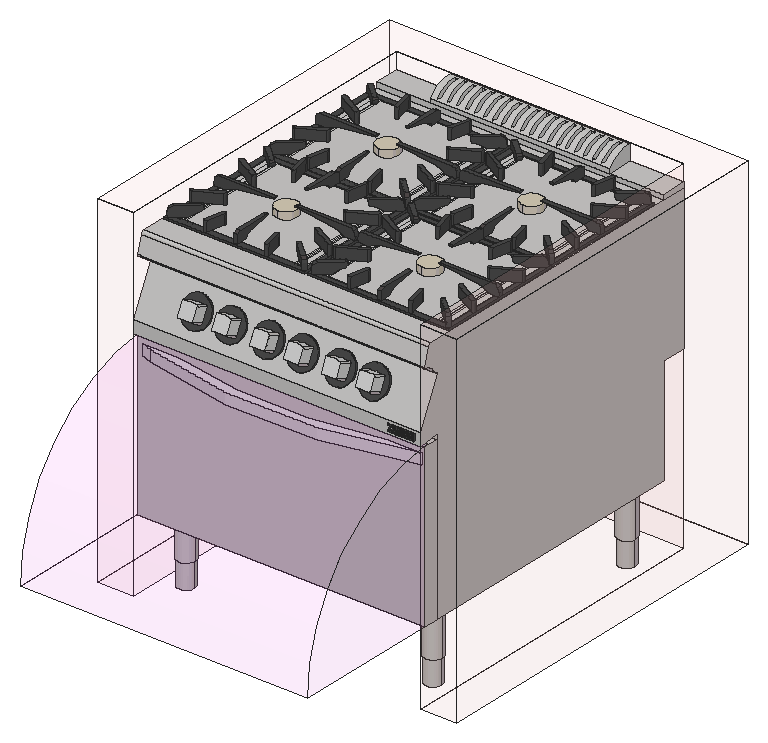
Revit family "QF_ZANUSSI_392032_Z9GCGH4CE0", category Attrezzature speciali, Revit 2020
Family settings
  Quota connettore circolare = Usa diametro
  Tipo di parte = Normale
  Basato su piano di lavoro = No
  Sempre verticale = Sì
  Taglio con vuoti quando caricato = No
  Condiviso = No
  Punto di calcolo locali = No
Parameters (values of type "Standard")
  Weight = 155.00 kg
  Watts = 6000 W
  Volts = 380 V
  URL Manufacturer = "http://www.zanussiprofessional.com"
  URL = "http://www.zanussiprofessional.com"
  Steam Supply Size = 0 mm
  Steam Supply Minimum Pressure = 0.0 Pa
  Steam Supply Maximum Pressure = 0.0 Pa
  Steam Consumption per Hour = 0
  Show Logo [instance] = yes
  Show Clearance [instance] = yes
  Refrigeration Suction Line Size = 0 mm
  Refrigeration Liquid Line Size = 0 mm
  Refrigerant Compressor Remote = yes
  Prospetto di default = 0 mm
  Produttore = "Zanussi"
  Phase = 3
  Modello = "Z9GCGH4CE0"
  Length Actual = 800 mm  # constant formula
  Item Number = "392032"
  Hot Water Size = 0 mm
  Height Actual = 850 mm  # constant formula
  HP = "8 HP"
  Gas Size = 12.7 mm
  Gas KW = 28
  Gas Input Pressure = 0.202529 W
  Direct Waste Size = 0 mm
  Descrizione = "4-BURNER(CASTIRON) GAS RANGE+EL.OVEN 800"
  Depth Actual = 900 mm  # constant formula
  Cycle = 50 Hz
  Condensate Return Size = 0 mm
  Compressed Air Volume = 0.0 L/s
  Compressed Air Size = 0 mm
  Compressed Air Pressure = 0.0 Pa
  Cold Water Size = 0 mm
  Accessory = yes
Reference planes
  plane 1 "Back": y = 0
  plane 2: z = 0
  plane 3 "Left": x = 0
  plane 4: x = 800
  plane 5: z = 850
  plane 6: x = 400
  plane 7: x = 900
  plane 8: x = -100
  plane 9: y = 100
  plane 10: z = 149
  plane 11: y = -915
Forms (mm)
  Extrusion 1, solid, material "QF_Finishes_Clearance", visible <- "Show Clearance"
    sketch origin (0, 0, 0) x (1, 0, 0) y (0, 1, 0)
      loop
        line (-100, -915) -> (0, -915) -> (0, 0) -> (800, 0) -> (800, -915) -> (900, -915) -> (900, 100) -> (-100, 100) -> (-100, -915)
    from 0 to 958.9
  Extrusion 2, solid, material "QF_Finishes_Stainless Steel"
    sketch origin (0, 50, 661.213) x (0, 1, 0) y (0, 0, 1)
      loop
        line (-50, 238.788) -> (-50, 253.075) -> (-119.85, 253.075) -> (-119.85, 238.788) -> (-50, 238.788)
    from 0 to 800
  Extrusion 3, solid, material "QF_Finishes_Stainless Steel"
    sketch origin (0, 50, 661.212) x (0, 1, 0) y (0, 0, 1)
      loop
        line (-50, 238.788) -> (-929.358, 238.788)
        arc (-929.358, 238.788) -> (-934.643, 236.598) -> (-936.833, 231.313) r 7.474
        line (-936.833, 231.313) -> (-949.884, 185.798)
        arc (-949.884, 185.798) -> (-949.396, 183.166) -> (-947, 181.971) r 3
        line (-947, 181.971) -> (-936.802, 181.971) -> (-904.982, 150.152) -> (-965, 29.296) -> (-965, -5.704) -> (-908.645, 2.216)
        arc (-908.645, 2.216) -> (-906.101, 1.462) -> (-905, -0.953) r 3.2
        line (-905, -0.953) -> (-905, -462.212) -> (-120, -462.212) -> (-120, -162.212) -> (-50, -162.212) -> (-50, 238.788)
      loop
        line (-950, -11.212) -> (-950, -462.212) -> (-910, -462.212) -> (-910, -11.212) -> (-950, -11.212)
    from 0 to 800
  Extrusion 4, solid, material "QF_Finishes_Door Clearance", visible <- "Show Clearance"
    sketch origin (0, -206.665, 6.362) x (0, 1, 0) y (0, 0, 1)
      loop
        line (-1103.537, 192.638) -> (-683.335, 192.638) -> (-683.335, 645.379)
        arc (-683.335, 645.379) -> (-982.298, 501.484) -> (-1103.537, 192.638) r 454.002
    from 0 to 800
  Extrusion 5, solid, material "QF_Finishes_Stainless Steel"
    sketch origin (-303.042, -201, 191.278) x (-1, 0, 0) y (0, -1, 0)
      loop
        circle (-1052.042, 464) r 6.35
    from -1.278 to 7.722
  Extrusion 6, solid, material "QF_Finishes_Stainless Steel"
    sketch origin (1049.282, -570.286, 197) x (1, 0, 0) y (0, 1, 0)
      loop
        line (-302.282, -132.714) -> (-302.282, -152.714) -> (-282.282, -152.714) -> (-282.282, -132.714) -> (-302.282, -132.714)
    from 0 to 2
Dimensions and locks
  plane 3 "Left" to plane 4 = 800 mm
  equal spacing: plane 3 "Left", plane 6, plane 4
  plane 1 "Back" to plane 9 = 100 mm
  plane 4 to plane 7 = 100 mm
  plane 8 to plane 3 "Left" = 100 mm
  plane 10 to level = 149 mm
  plane 1 "Back" to plane 11 = 915 mm
  aligned and locked: level to plane 2
Automatic sketch dimensions
  Extrusion 1 sketch curve to plane 8 = 0 mm
  Extrusion 1 sketch curve to plane 3 "Left" = 0 mm
  plane 1 "Back" to Extrusion 1 sketch curve = 0 mm
  Extrusion 1 sketch curve to plane 4 = 0 mm
  Extrusion 1 sketch curve to plane 7 = 0 mm
  Extrusion 1 sketch curve to plane 11 = 0 mm  (x2)
  Extrusion 1 sketch curve to plane 9 = 0 mm
  Extrusion 2 sketch curve to plane 1 "Back" = 0 mm
  plane 1 "Back" to Extrusion 2 sketch curve = 69.85 mm
  Extrusion 2 sketch curve to plane 5 = 50 mm
  Extrusion 2 sketch curve to Extrusion 2 sketch curve = 14.288 mm
  Extrusion 3 sketch curve to plane 11 = 0 mm
  Extrusion 3 sketch curve to plane 1 "Back" = 0 mm
  plane 11 to Extrusion 3 sketch curve = 15 mm
  plane 5 to Extrusion 3 sketch curve = 2.989 mm
  plane 11 to Extrusion 3 sketch curve = 15.116 mm
  Extrusion 3 sketch curve to Extrusion 3 sketch curve = 2.884 mm
  plane 11 to Extrusion 3 sketch curve = 28.167 mm
  Extrusion 3 sketch curve to Extrusion 3 sketch curve = 10.198 mm
  Extrusion 3 sketch curve to Extrusion 3 sketch curve = 7.474 mm
  Extrusion 3 sketch curve to Extrusion 3 sketch curve = 40 mm
  Extrusion 3 sketch curve to Extrusion 3 sketch curve = 1.355 mm
  Extrusion 3 sketch curve to Extrusion 3 sketch curve = 0.445 mm
  Extrusion 3 sketch curve to Extrusion 3 sketch curve = 5 mm
  Extrusion 3 sketch curve to Extrusion 3 sketch curve = 31.82 mm
  plane 1 "Back" to Extrusion 3 sketch curve = 70 mm
  Extrusion 3 sketch curve to Extrusion 3 sketch curve = 0.827 mm
  plane 5 to Extrusion 3 sketch curve = 38.636 mm
  Extrusion 3 sketch curve to Extrusion 3 sketch curve = 120.856 mm
  Extrusion 3 sketch curve to Extrusion 3 sketch curve = 27.08 mm
  Extrusion 3 sketch curve to Extrusion 3 sketch curve = 35 mm
  Extrusion 3 sketch curve to Extrusion 3 sketch curve = 5.508 mm
  Extrusion 3 sketch curve to plane 10 = 350 mm
  Extrusion 3 sketch curve to plane 10 = 50 mm  (x2)
  Extrusion 3 sketch curve to plane 5 = 42.526 mm
  Extrusion 4 sketch curve to plane 10 = 50 mm
  Extrusion 4 sketch curve to plane 11 = 395.202 mm
  plane 11 to Extrusion 4 sketch curve = 25 mm
  Extrusion 4 sketch curve to Extrusion 4 sketch curve = 33.8 mm
  plane 4 to Extrusion 5 sketch curve = 51 mm
  plane 11 to Extrusion 5 sketch curve = 250 mm
  plane 4 to Extrusion 6 sketch curve = 53 mm
  Extrusion 6 sketch curve to Extrusion 6 sketch curve = 20 mm  (x2)
  plane 11 to Extrusion 6 sketch curve = 192 mm
  radius of Extrusion 5 sketch curve = 6.35 mm
Nested families
  nested 1: "Uscita_Fumi_500" at (400, -34.925, 914.288), type "Uscita_Fumi_500"
  nested 2: "ZANUSSI_BURNER" at (2.5, -458.125, 50), type "ZANUSSI_BURNER"
    with Status "", Specification by User "", Revision Code "", Item Number "", Installed By "", Identify Quantity as Lot yes, Furnished By "", Foodservice Equipment Identifier yes
  nested 3: "ZANUSSI_BURNER" at (2.5, -454.983, 50), type "ZANUSSI_BURNER"
    with Status "", Specification by User "", Revision Code "", Item Number "", Installed By "", Identify Quantity as Lot yes, Furnished By "", Foodservice Equipment Identifier yes
  nested 4: "ZANUSSI_BURNER" at (797.5, -458.125, 50) x (-1, 0, 0) z (0, 0, 1), type "ZANUSSI_BURNER"
    with Status "", Specification by User "", Revision Code "", Item Number "", Installed By "", Identify Quantity as Lot yes, Furnished By "", Foodservice Equipment Identifier yes
  nested 5: "ZANUSSI_BURNER" at (797.5, -454.983, 50) x (-1, 0, 0) z (0, 0, 1), type "ZANUSSI_BURNER"
    with Status "", Specification by User "", Revision Code "", Item Number "", Installed By "", Identify Quantity as Lot yes, Furnished By "", Foodservice Equipment Identifier yes
  nested 6: "CONTROLLER_XP-ZAN" at (698, -884.548, 751.827) x (1, 0, 0) z (0, -0.8956, 0.4448), type "CONTROLLER_XP-ZAN"
  nested 7: "CONTROLLER_XP-ZAN" at (603, -884.548, 751.827) x (1, 0, 0) z (0, -0.8956, 0.4448), type "CONTROLLER_XP-ZAN"
  nested 8: "CONTROLLER_XP-ZAN" at (298, -884.548, 751.827) x (1, 0, 0) z (0, -0.8956, 0.4448), type "CONTROLLER_XP-ZAN"
  nested 9: "CONTROLLER_XP-ZAN" at (203, -884.548, 751.827) x (1, 0, 0) z (0, -0.8956, 0.4448), type "CONTROLLER_XP-ZAN"
  nested 10: "CONTROLLER_XP-ZAN" at (301.037, -884.548, 751.827) x (-1, 0, 0) z (0, -0.8956, 0.4448), type "CONTROLLER_XP-ZAN"
  nested 11: "CONTROLLER_XP-ZAN" at (396.037, -884.548, 751.827) x (-1, 0, 0) z (0, -0.8956, 0.4448), type "CONTROLLER_XP-ZAN"
  nested 12: "ZANUSSI_Logo" at (749.92, -915, 722.184) x (1, 0, 0) z (0, -1, 0), Show Logo <- "Show Logo", visible <- "Show Logo", type "ZANUSSI_Logo"
    with Show Logo yes
  nested 13: "MANIGLIONE_ZANUSSI" at (400, -900, 615.684) x (1, 0, 0) z (0, -1, 0), type "MANIGLIONE_ZANUSSI"
  nested 14: "Piedino 50xH200_par" at (56, -128, 0), type "Piedino 50xH200_par"
    with H 200 mm
  nested 15: "Piedino 50xH200_par" at (744, -128, 0), type "Piedino 50xH200_par"
    with H 200 mm
  nested 16: "Piedino 50xH200_par" at (744, -802.083, 0), type "Piedino 50xH200_par"
    with H 200 mm
  nested 17: "Piedino 50xH200_par" at (56, -802.083, 0), type "Piedino 50xH200_par"
    with H 200 mm
Connectors
  piping at (749, -665, 190), diameter 12.7, driven by "Gas Size"
    settings: on Extrusion 5, index 15, connector inside diameter 12.8 mm, connector length 0 mm, flow factor 0, pipe flow 0.0 L/s, pressure drop 0.0 Pa, fitting loss kfactor 0, connector angle 0.00°, fixture units 0, engagement length 0 mm, angle of deflection 0.00°, flow configuration 1, flow direction 1, fitting loss method 0, system type 29, joint type 0, gender type 0, connector reference index -1, connector utility 0, adjustable connector no, is connector primary yes, connector description "Gas Connection"
  electrical at (757, -713, 197), driven by "Volts"
    settings: on Extrusion 6, index 16, voltage 380 V, apparent load 0 VA, apparent load phase1 0 VA, apparent load phase2 0 VA, apparent load phase3 0 VA, power factor 1, load classification "Altro", number of poles 1, system type 30, power factor state 1, is connector primary yes, connector utility no, sub classification motor no, connector description "Electrical Connection"
Definition of nested family "Uscita_Fumi_500"
  Parameters (values of type "Uscita_Fumi_500")
    Default Elevation = 1219.2 mm
  Reference planes
    plane 1 "Centro (Fronte/Retro)": y = 0
    plane 2: z = 0
    plane 3 "Centro (Sinistra/Destra)": x = 0
  Forms (mm)
    Extrusion 1, solid
      sketch origin (0, 0, 0) x (1, 0, 0) y (0, 1, 0)
        loop
          line (-1219.2, 1219.2) -> (-1219.2, -1219.2) -> (1219.2, -1219.2) -> (1219.2, 1219.2) -> (-1219.2, 1219.2)
      from 0 to -304.8
    Extrusion 2, solid
      sketch origin (-150, 34.925, -289.638) x (0, 1, 0) y (0, 0, 1)
        loop
          line (0, 289.638) -> (0, 331.738)
          arc (0, 331.738) -> (-38.857, 324.552) -> (-69.85, 300.038) r 82.056
          line (-69.85, 300.038) -> (-69.85, 289.638) -> (0, 289.638)
      from -100 to 400
    Extrusion 3, void
      sketch origin (-262.5, 34.925, -15) x (0, -1, 0) y (1, 0, 0)
        loop
          line (6.761, 29.703) -> (63.911, 29.703) -> (63.911, 38.999) -> (6.761, 38.999) -> (6.761, 29.703)
        loop
          line (63.911, 64.487) -> (6.761, 64.487) -> (6.761, 55.191) -> (63.911, 55.191) -> (63.911, 64.487)
        loop
          line (63.911, 89.975) -> (6.761, 89.975) -> (6.761, 80.68) -> (63.911, 80.68) -> (63.911, 89.975)
        loop
          line (63.911, 115.464) -> (6.761, 115.464) -> (6.761, 106.168) -> (63.911, 106.168) -> (63.911, 115.464)
        loop
          line (63.911, 140.952) -> (6.761, 140.952) -> (6.761, 131.656) -> (63.911, 131.656) -> (63.911, 140.952)
        loop
          line (63.911, 166.44) -> (6.761, 166.44) -> (6.761, 157.145) -> (63.911, 157.145) -> (63.911, 166.44)
        loop
          line (63.911, 191.929) -> (6.761, 191.929) -> (6.761, 182.633) -> (63.911, 182.633) -> (63.911, 191.929)
        loop
          line (63.911, 217.417) -> (6.761, 217.417) -> (6.761, 208.121) -> (63.911, 208.121) -> (63.911, 217.417)
        loop
          line (63.911, 242.905) -> (6.761, 242.905) -> (6.761, 233.61) -> (63.911, 233.61) -> (63.911, 242.905)
        loop
          line (63.911, 268.394) -> (6.761, 268.394) -> (6.761, 259.098) -> (63.911, 259.098) -> (63.911, 268.394)
        loop
          line (63.911, 293.882) -> (6.761, 293.882) -> (6.761, 284.586) -> (63.911, 284.586) -> (63.911, 293.882)
        loop
          line (63.911, 319.37) -> (6.761, 319.37) -> (6.761, 310.075) -> (63.911, 310.075) -> (63.911, 319.37)
        loop
          line (63.911, 344.859) -> (6.761, 344.859) -> (6.761, 335.563) -> (63.911, 335.563) -> (63.911, 344.859)
        loop
          line (63.911, 370.347) -> (6.761, 370.347) -> (6.761, 361.051) -> (63.911, 361.051) -> (63.911, 370.347)
        loop
          line (63.911, 393.394) -> (6.761, 393.394) -> (6.761, 384.098) -> (63.911, 384.098) -> (63.911, 393.394)
        loop
          line (63.911, 418.882) -> (6.761, 418.882) -> (6.761, 409.586) -> (63.911, 409.586) -> (63.911, 418.882)
        loop
          line (63.911, 444.37) -> (6.761, 444.37) -> (6.761, 435.075) -> (63.911, 435.075) -> (63.911, 444.37)
        loop
          line (63.911, 469.859) -> (6.761, 469.859) -> (6.761, 460.563) -> (63.911, 460.563) -> (63.911, 469.859)
        loop
          line (63.911, 495.347) -> (6.761, 495.347) -> (6.761, 486.051) -> (63.911, 486.051) -> (63.911, 495.347)
      from 25.4 to 63.5
  Cuts and joins
    Extrusion 3 cuts Extrusion 2
  Dimensions and locks
    cut or joined group of Extrusion 2, Extrusion 3 to cut or joined group of Extrusion 2, Extrusion 3 = 500 mm
    aligned and locked: plane 2 to Extrusion 1
    aligned and locked: level to Extrusion 1
Definition of nested family "ZANUSSI_BURNER"
  Parameters (values of type "ZANUSSI_BURNER")
    Weight in Pounds = 0
    URL Cutsheet = ""
    URL = "www.electrolux.com"
    Type Mark [instance] = ""
    Status [instance] = ""
    Specification by User [instance] = ""
    Specification by Manufacturer = ""
    Show Clearance [instance] = yes
    Serial Number = ""
    Seismic Rating = ""
    SMACNA No = ""
    Revision Code [instance] = ""
    Default Elevation = 0 mm
    Omniclass Number and Title = ""
    NAFEM Spec ID Number = ""
    Model = "392010"
    Masterspec = ""
    Manufacturer = "ELECTROLUX"
    Item Number [instance] = ""
    Installed By [instance] = ""
    Identify Quantity as Lot [instance] = yes
    Furnished By [instance] = ""
    Foodservice Equipment Identifier [instance] = yes
    Description = ""
    CSI MasterFormat = ""
    CSI Master Format = ""
  Reference planes
    plane 1 "BACK": y = 0
    plane 2: z = 0
    plane 3 "LEFT": x = 0
    plane 4 "RIGHT": x = 393.7
    plane 5 "FRONT": y = -355.6
    plane 6 "TOP": z = 908.85
    plane 7 "Center Y": x = 196.85
    plane 8 "Center X": y = -177.8
    plane 9 "Base": z = 150
    plane 10: z = 850.85
  Forms (mm)
    Extrusion 1, solid
      sketch origin (-6.433, -404.961, 5) x (1, 0, 0) y (0, 0, -1)
        loop
          arc (7.142, -850.85) -> (6.739, -862.989) -> (9.761, -874.752) r 42.809
          line (9.761, -874.752) -> (19.961, -879.425) -> (173.122, -879.425)
          arc (173.122, -879.425) -> (174.316, -878.312) -> (173.289, -877.043) r 1.197
          line (173.289, -877.043) -> (64.848, -864.021)
          arc (64.848, -864.021) -> (50.111, -858.738) -> (36.589, -850.85) r 85.245
          line (36.589, -850.85) -> (7.142, -850.85)
        loop
          line (399.424, -850.85) -> (369.977, -850.85)
          arc (369.977, -850.85) -> (356.455, -858.738) -> (341.718, -864.021) r 85.245
          line (341.718, -864.021) -> (233.277, -877.043)
          arc (233.277, -877.043) -> (232.25, -878.312) -> (233.444, -879.425) r 1.197
          line (233.444, -879.425) -> (386.605, -879.425) -> (396.806, -874.752)
          arc (396.806, -874.752) -> (399.827, -862.989) -> (399.424, -850.85) r 42.809
      from 224.564 to 234.564
    Extrusion 2, solid
      sketch origin (196.85, 175.397, 1219.2) x (0, 1, 0) y (0, 0, 1)
        loop
          line (-204.463, -363.35) -> (-175.397, -363.35) -> (-175.397, -339.506)
          arc (-175.397, -339.506) -> (-181.025, -338.266) -> (-185.611, -334.775) r 13.39
          line (-185.611, -334.775) -> (-278.903, -334.775)
          arc (-278.903, -334.775) -> (-280.097, -335.888) -> (-279.07, -337.157) r 1.197
          line (-279.07, -337.157) -> (-227.151, -347.464)
          arc (-227.151, -347.464) -> (-213.741, -352.457) -> (-204.463, -363.35) r 28.426
        loop
          arc (-496.332, -363.35) -> (-487.053, -352.457) -> (-473.644, -347.464) r 28.426
          line (-473.644, -347.464) -> (-421.725, -337.157)
          arc (-421.725, -337.157) -> (-420.697, -335.888) -> (-421.891, -334.775) r 1.197
          line (-421.891, -334.775) -> (-515.184, -334.775)
          arc (-515.184, -334.775) -> (-519.769, -338.266) -> (-525.397, -339.506) r 13.39
          line (-525.397, -339.506) -> (-525.397, -363.35) -> (-496.332, -363.35)
      from -5 to 5
    Extrusion 3, solid
      sketch origin (-6.433, 367.064, 850.85) x (0, -1, 0) y (1, 0, 0)
        loop
          line (722.664, 6.433) -> (722.664, 400.133) -> (367.064, 400.133) -> (367.064, 6.433) -> (722.664, 6.433)
        loop
          line (382.064, 21.433) -> (707.664, 21.433) -> (707.664, 385.133) -> (382.064, 385.133) -> (382.064, 21.433)
      from 0 to 5
    Extrusion 4, solid
      sketch origin (-18.933, 367.064, 855.85) x (0, -1, 0) y (1, 0, 0)
        loop
          circle (541.667, 215.783) r 30
      from -1.321 to 17.134
    Extrusion 5, solid
      sketch origin (-6.433, -367.064, 0) x (1, 0, 0) y (0, 0, -1)
        loop
          line (21.433, -855.85) -> (36.589, -855.85)
          arc (36.589, -855.85) -> (40.561, -855.243) -> (44.305, -853.783) r 18.259
          arc (44.305, -853.783) -> (45.997, -853.366) -> (47.69, -853.783) r 3.649
          arc (47.69, -853.783) -> (49.901, -854.522) -> (52.232, -854.529) r 7.328
          line (52.232, -854.529) -> (354.334, -854.529)
          arc (354.334, -854.529) -> (356.666, -854.522) -> (358.877, -853.783) r 7.328
          arc (358.877, -853.783) -> (360.569, -853.366) -> (362.261, -853.783) r 3.649
          arc (362.261, -853.783) -> (366.005, -855.243) -> (369.977, -855.85) r 18.259
          line (369.977, -855.85) -> (385.133, -855.85) -> (385.133, -850.85) -> (21.433, -850.85) -> (21.433, -855.85)
      from 26.464 to 352.064
    Extrusion 6, solid
      sketch origin (83.284, -458.334, 5) x (0.742103, 0.670286, 0) y (0, 0, -1)
        loop
          arc (88.629, -864.012) -> (73.909, -858.731) -> (60.402, -850.85) r 85.245
          line (60.402, -850.85) -> (14.993, -850.85)
          arc (14.993, -850.85) -> (14.642, -862.948) -> (17.686, -874.663) r 42.876
          line (17.686, -874.663) -> (27.899, -879.425) -> (89.664, -879.425)
          arc (89.664, -879.425) -> (92.39, -878.352) -> (93.654, -875.709) r 4
          arc (93.654, -875.709) -> (92.562, -869.25) -> (88.629, -864.012) r 13.87
        loop
          arc (457.638, -864.012) -> (453.704, -869.25) -> (452.613, -875.709) r 13.87
          arc (452.613, -875.709) -> (453.876, -878.352) -> (456.603, -879.425) r 4
          line (456.603, -879.425) -> (518.367, -879.425) -> (528.581, -874.663)
          arc (528.581, -874.663) -> (531.624, -862.948) -> (531.273, -850.85) r 42.876
          line (531.273, -850.85) -> (485.865, -850.85)
          arc (485.865, -850.85) -> (472.357, -858.731) -> (457.638, -864.012) r 85.245
      from 127.064 to 137.064
    Extrusion 7, solid
      sketch origin (310.416, -458.334, 5) x (-0.742103, 0.670286, 0) y (0, 0, 1)
        loop
          arc (88.629, 864.012) -> (92.562, 869.25) -> (93.654, 875.709) r 13.87
          arc (93.654, 875.709) -> (92.39, 878.352) -> (89.664, 879.425) r 4
          line (89.664, 879.425) -> (27.899, 879.425) -> (17.686, 874.663)
          arc (17.686, 874.663) -> (14.642, 862.948) -> (14.993, 850.85) r 42.876
          line (14.993, 850.85) -> (60.402, 850.85)
          arc (60.402, 850.85) -> (73.909, 858.731) -> (88.629, 864.012) r 85.245
        loop
          arc (457.638, 864.012) -> (472.357, 858.731) -> (485.865, 850.85) r 85.245
          line (485.865, 850.85) -> (531.273, 850.85)
          arc (531.273, 850.85) -> (531.624, 862.948) -> (528.581, 874.663) r 42.876
          line (528.581, 874.663) -> (518.367, 879.425) -> (456.603, 879.425)
          arc (456.603, 879.425) -> (453.876, 878.352) -> (452.613, 875.709) r 4
          arc (452.613, 875.709) -> (453.704, 869.25) -> (457.638, 864.012) r 13.87
      from 127.064 to 137.064
    Extrusion 8, solid
      sketch origin (-6.433, 367.064, 855.85) x (0, -1, 0) y (1, 0, 0)
        loop
          arc (626.166, 9.428) -> (632.956, 7.454) -> (634.93, 14.244) r 5
          line (634.93, 14.244) -> (600.514, 76.878)
          arc (600.514, 76.878) -> (593.724, 78.852) -> (591.75, 72.062) r 5
          line (591.75, 72.062) -> (626.166, 9.428)
        loop
          line (463.562, 9.428) -> (497.977, 72.062)
          arc (497.977, 72.062) -> (496.003, 78.852) -> (489.213, 76.878) r 5
          line (489.213, 76.878) -> (454.798, 14.244)
          arc (454.798, 14.244) -> (456.772, 7.454) -> (463.562, 9.428) r 5
        loop
          line (626.166, 397.138) -> (591.75, 334.504)
          arc (591.75, 334.504) -> (593.724, 327.714) -> (600.514, 329.689) r 5
          line (600.514, 329.689) -> (634.93, 392.323)
          arc (634.93, 392.323) -> (632.956, 399.113) -> (626.166, 397.138) r 5
        loop
          arc (463.562, 397.138) -> (456.772, 399.113) -> (454.798, 392.323) r 5
          line (454.798, 392.323) -> (489.213, 329.689)
          arc (489.213, 329.689) -> (496.003, 327.714) -> (497.977, 334.504) r 5
          line (497.977, 334.504) -> (463.562, 397.138)
        loop
          line (715.14, 293.499) -> (666.703, 282.317)
          arc (666.703, 282.317) -> (662.956, 276.32) -> (668.953, 272.573) r 5
          line (668.953, 272.573) -> (717.389, 283.756)
          arc (717.389, 283.756) -> (721.136, 289.752) -> (715.14, 293.499) r 5
        loop
          arc (715.14, 113.067) -> (721.136, 116.814) -> (717.389, 122.811) r 5
          line (717.389, 122.811) -> (668.953, 133.993)
          arc (668.953, 133.993) -> (662.956, 130.246) -> (666.703, 124.249) r 5
          line (666.703, 124.249) -> (715.14, 113.067)
        loop
          arc (374.588, 293.499) -> (368.591, 289.752) -> (372.338, 283.756) r 5
          line (372.338, 283.756) -> (420.775, 272.573)
          arc (420.775, 272.573) -> (426.771, 276.32) -> (423.024, 282.317) r 5
          line (423.024, 282.317) -> (374.588, 293.499)
        loop
          line (374.588, 113.067) -> (423.024, 124.249)
          arc (423.024, 124.249) -> (426.771, 130.246) -> (420.775, 133.993) r 5
          line (420.775, 133.993) -> (372.338, 122.811)
          arc (372.338, 122.811) -> (368.591, 116.814) -> (374.588, 113.067) r 5
      from 0 to 28.575
  Lines and regions (mm)
    symbolic lines
      curve 1: line (157.475, -170.397, 150) -> (157.475, -15, 150)
      curve 2: line (236.225, -170.397, 150) -> (236.225, -15, 150)
      curve 3: arc (158.678, -180.397, 0) -> (170.734, -200.207, 0) -> (191.85, -209.795, 0) r 39.375
      curve 4: line (163.825, -170.397, 150) -> (163.825, -15, 150)
      curve 5: line (229.875, -170.397, 150) -> (229.875, -15, 150)
      curve 6: line (144.775, -170.397, 150) -> (144.775, -15, 150)
      curve 7: line (248.925, -170.397, 150) -> (248.925, -15, 150)
      curve 8: arc (145.678, -180.397, 0) -> (161.728, -209.187, 0) -> (191.85, -222.573, 0) r 52.075
      curve 9: arc (201.85, -209.795, 0) -> (222.966, -200.207, 0) -> (235.022, -180.397, 0) r 39.375
      curve 10: arc (201.85, -222.573, 0) -> (231.931, -209.224, 0) -> (248.001, -180.504, 0) r 52.075
  Dimensions and locks
    equal spacing: plane 3 "LEFT", plane 7 "Center Y", plane 4 "RIGHT"
    plane 3 "LEFT" to plane 4 "RIGHT" = 393.7 mm
    equal spacing: plane 5 "FRONT", plane 8 "Center X", plane 1 "BACK"
    plane 5 "FRONT" to plane 1 "BACK" = 355.6 mm
    plane 6 "TOP" to level = 908.85 mm
    plane 9 "Base" to level = 150 mm
    plane 6 "TOP" to plane 10 = 58 mm  (x2)
    locked: Extrusion 4 sketch curve to plane 7 "Center Y" at 0
    aligned and locked: level to plane 2
  Automatic sketch dimensions
    plane 1 "BACK" to curve 7 = 15 mm
    plane 7 "Center Y" to curve 7 = 52.075 mm
    curve 7 to curve 2 = 12.7 mm
    curve 2 to curve 5 = 6.35 mm
    curve 4 to curve 1 = 6.35 mm
    plane 8 "Center X" to curve 6 = 7.403 mm
    curve 1 to curve 6 = 12.7 mm
    plane 3 "LEFT" to Extrusion 1 sketch curve = 0.709 mm
    plane 3 "LEFT" to Extrusion 1 sketch curve = 3.327 mm
    Extrusion 1 sketch curve to Extrusion 1 sketch curve = 10.201 mm
    plane 10 to Extrusion 1 sketch curve = 5 mm  (x2)
    Extrusion 1 sketch curve to Extrusion 1 sketch curve = 29.447 mm
    Extrusion 1 sketch curve to Extrusion 1 sketch curve = 12.704 mm  (x2)
    Extrusion 1 sketch curve to Extrusion 1 sketch curve = 15.555 mm  (x2)
    plane 3 "LEFT" to Extrusion 1 sketch curve = 79.689 mm
    Extrusion 1 sketch curve to plane 7 "Center Y" = 30.161 mm
    Extrusion 1 sketch curve to Extrusion 1 sketch curve = 0.167 mm  (x2)
    plane 7 "Center Y" to Extrusion 1 sketch curve = 29.994 mm
    Extrusion 1 sketch curve to plane 4 "RIGHT" = 79.689 mm
    plane 10 to Extrusion 1 sketch curve = 18.171 mm
    Extrusion 1 sketch curve to plane 4 "RIGHT" = 58.415 mm
    Extrusion 1 sketch curve to plane 4 "RIGHT" = 13.528 mm
    Extrusion 1 sketch curve to plane 4 "RIGHT" = 3.327 mm
    Extrusion 1 sketch curve to plane 4 "RIGHT" = 0.709 mm
    Extrusion 1 sketch curve to Extrusion 1 sketch curve = 23.902 mm  (x2)
    Extrusion 1 sketch curve to plane 6 "TOP" = 26.807 mm  (x2)
    Extrusion 1 sketch curve to Extrusion 1 sketch curve = 1.185 mm  (x2)
    Extrusion 1 sketch curve to Extrusion 1 sketch curve = 5.694 mm
    Extrusion 2 sketch curve to plane 1 "BACK" = 0 mm
    plane 1 "BACK" to Extrusion 2 sketch curve = 10.213 mm
    plane 10 to Extrusion 2 sketch curve = 5 mm  (x2)
    plane 1 "BACK" to Extrusion 2 sketch curve = 29.066 mm
    plane 10 to Extrusion 2 sketch curve = 20.886 mm
    Extrusion 2 sketch curve to Extrusion 2 sketch curve = 22.688 mm  (x2)
    Extrusion 2 sketch curve to plane 10 = 7.392 mm  (x2)
    Extrusion 2 sketch curve to plane 6 "TOP" = 24.425 mm
    Extrusion 2 sketch curve to Extrusion 2 sketch curve = 51.752 mm
    Extrusion 2 sketch curve to plane 6 "TOP" = 26.807 mm  (x2)
    Extrusion 2 sketch curve to Extrusion 2 sketch curve = 0.167 mm  (x2)
    Extrusion 2 sketch curve to plane 8 "Center X" = 68.528 mm
    Extrusion 2 sketch curve to plane 5 "FRONT" = 60.248 mm
    Extrusion 2 sketch curve to Extrusion 2 sketch curve = 2.895 mm
    Extrusion 2 sketch curve to plane 5 "FRONT" = 15.813 mm
    Extrusion 2 sketch curve to plane 5 "FRONT" = 5.6 mm
    Extrusion 2 sketch curve to Extrusion 2 sketch curve = 4.731 mm
    Extrusion 2 sketch curve to Extrusion 2 sketch curve = 23.844 mm
    Extrusion 2 sketch curve to Extrusion 2 sketch curve = 1.185 mm
    plane 1 "BACK" to Extrusion 3 sketch curve = 0 mm
    Extrusion 3 sketch curve to plane 3 "LEFT" = 0 mm
    plane 5 "FRONT" to Extrusion 3 sketch curve = 0 mm
    Extrusion 3 sketch curve to plane 4 "RIGHT" = 0 mm
    plane 1 "BACK" to Extrusion 3 sketch curve = 15 mm
    Extrusion 3 sketch curve to plane 5 "FRONT" = 15 mm
    plane 3 "LEFT" to Extrusion 3 sketch curve = 15 mm
    Extrusion 3 sketch curve to plane 4 "RIGHT" = 15 mm
    Extrusion 3 to Extrusion 4 sketch curve = 159.603 mm
    Extrusion 5 sketch curve to plane 10 = 0 mm
    plane 3 "LEFT" to Extrusion 5 sketch curve = 15 mm
    Extrusion 5 sketch curve to Extrusion 5 sketch curve = 14.402 mm
    plane 10 to Extrusion 5 sketch curve = 5 mm
    Extrusion 5 sketch curve to Extrusion 5 sketch curve = 15.156 mm
    plane 10 to Extrusion 5 sketch curve = 2.933 mm  (x3)
    Extrusion 5 sketch curve to Extrusion 5 sketch curve = 7.716 mm  (x2)
    Extrusion 5 sketch curve to Extrusion 5 sketch curve = 0 mm  (x3)
    Extrusion 5 sketch curve to Extrusion 5 sketch curve = 1.692 mm  (x2)
    Extrusion 5 sketch curve to Extrusion 5 sketch curve = 3.385 mm  (x2)
    Extrusion 5 sketch curve to plane 10 = 3.559 mm  (x2)
    plane 10 to Extrusion 5 sketch curve = 3.679 mm
    Extrusion 5 sketch curve to plane 4 "RIGHT" = 45.799 mm
    Extrusion 5 sketch curve to Extrusion 5 sketch curve = 1.143 mm
    Extrusion 5 sketch curve to plane 10 = 13.244 mm
    Extrusion 5 sketch curve to plane 4 "RIGHT" = 15 mm
    plane 10 to Extrusion 6 sketch curve = 5 mm  (x2)
    Extrusion 6 sketch curve to Extrusion 6 sketch curve = 2.692 mm  (x2)
    Extrusion 6 sketch curve to Extrusion 6 sketch curve = 10.213 mm  (x2)
    plane 10 to Extrusion 6 sketch curve = 12.281 mm
    Extrusion 6 sketch curve to Extrusion 6 sketch curve = 29.348 mm  (x2)
    Extrusion 6 sketch curve to Extrusion 6 sketch curve = 3.155 mm  (x2)
    Extrusion 6 sketch curve to Extrusion 6 sketch curve = 22.572 mm
    Extrusion 6 sketch curve to Extrusion 6 sketch curve = 8.81 mm
    Extrusion 6 sketch curve to Extrusion 6 sketch curve = 9.845 mm  (x2)
    Extrusion 6 sketch curve to Extrusion 6 sketch curve = 3.99 mm  (x2)
    Extrusion 6 sketch curve to Extrusion 6 sketch curve = 0 mm  (x2)
    Extrusion 6 sketch curve to Extrusion 6 sketch curve = 49.533 mm
    Extrusion 6 sketch curve to plane 10 = 64.377 mm
    Extrusion 6 sketch curve to Extrusion 6 sketch curve = 326.397 mm
    Extrusion 6 sketch curve to plane 6 "TOP" = 28.141 mm
    Extrusion 6 sketch curve to Extrusion 6 sketch curve = 16.281 mm
    Extrusion 6 sketch curve to Extrusion 6 sketch curve = 1.035 mm
    Extrusion 6 sketch curve to Extrusion 6 sketch curve = 19.417 mm
    Extrusion 6 sketch curve to Extrusion 6 sketch curve = 4.763 mm  (x2)
    Extrusion 6 sketch curve to Extrusion 6 sketch curve = 3.716 mm
    plane 10 to Extrusion 7 sketch curve = 5 mm  (x2)
    Extrusion 7 sketch curve to Extrusion 7 sketch curve = 2.692 mm  (x2)
    Extrusion 7 sketch curve to Extrusion 7 sketch curve = 10.213 mm  (x2)
    plane 10 to Extrusion 7 sketch curve = 12.281 mm
    Extrusion 7 sketch curve to Extrusion 7 sketch curve = 29.348 mm  (x2)
    Extrusion 7 sketch curve to Extrusion 7 sketch curve = 3.155 mm  (x2)
    Extrusion 7 sketch curve to Extrusion 7 sketch curve = 22.572 mm
    Extrusion 7 sketch curve to Extrusion 7 sketch curve = 8.81 mm
    Extrusion 7 sketch curve to Extrusion 7 sketch curve = 9.845 mm  (x2)
    Extrusion 7 sketch curve to Extrusion 7 sketch curve = 3.99 mm  (x2)
    Extrusion 7 sketch curve to Extrusion 7 sketch curve = 0 mm  (x2)
    Extrusion 7 sketch curve to Extrusion 7 sketch curve = 21.306 mm
    Extrusion 7 sketch curve to plane 10 = 64.377 mm  (x2)
    Extrusion 7 sketch curve to Extrusion 7 sketch curve = 326.397 mm
    Extrusion 7 sketch curve to plane 6 "TOP" = 28.141 mm
    Extrusion 7 sketch curve to Extrusion 7 sketch curve = 16.281 mm
    Extrusion 7 sketch curve to Extrusion 7 sketch curve = 1.035 mm
    Extrusion 7 sketch curve to Extrusion 7 sketch curve = 19.417 mm
    Extrusion 7 sketch curve to Extrusion 7 sketch curve = 7.281 mm
    Extrusion 7 sketch curve to Extrusion 7 sketch curve = 10.713 mm
    curve 3 to curve 8 = 0 mm  (x2)
    curve 3 to curve 9 = 0 mm  (x2)
    curve 3 to curve 10 = 0 mm  (x2)
    curve 3 to plane 7 "Center Y" = 0 mm
    curve 8 to plane 8 "Center X" = 2.597 mm
    curve 8 to plane 7 "Center Y" = 51.172 mm
    curve 3 to plane 8 "Center X" = 2.597 mm
    curve 8 to curve 3 = 12.999 mm
    curve 3 to plane 7 "Center Y" = 5 mm
    curve 8 to plane 7 "Center Y" = 5 mm
    plane 7 "Center Y" to curve 10 = 5 mm
    curve 9 to plane 8 "Center X" = 2.597 mm
    plane 7 "Center Y" to curve 9 = 38.172 mm
    curve 10 to plane 8 "Center X" = 2.704 mm
    curve 9 to curve 10 = 12.979 mm
    curve 10 to plane 8 "Center X" = 44.773 mm
    Extrusion 8 sketch curve to Extrusion 3 = 5.275 mm  (x2)
    Extrusion 8 sketch curve to Extrusion 8 sketch curve = 1.125 mm  (x16)
    Extrusion 3 to Extrusion 8 sketch curve = 38.711 mm  (x2)
    Extrusion 8 sketch curve to Extrusion 3 = 7.19 mm  (x3)
    Extrusion 3 to Extrusion 8 sketch curve = 72.734 mm  (x2)
    Extrusion 8 sketch curve to Extrusion 8 sketch curve = 4.382 mm  (x16)
    Extrusion 8 sketch curve to Extrusion 3 = 2.995 mm  (x4)
    Extrusion 8 sketch curve to Extrusion 8 sketch curve = 34.416 mm  (x4)
    Extrusion 3 to Extrusion 8 sketch curve = 50.629 mm  (x3)
    Extrusion 8 sketch curve to Extrusion 8 sketch curve = 93.773 mm  (x2)
    Extrusion 3 to Extrusion 8 sketch curve = 40.96 mm  (x2)
    Extrusion 8 sketch curve to Extrusion 3 = 7.476 mm  (x2)
    Extrusion 8 sketch curve to Extrusion 8 sketch curve = 2.408 mm  (x4)
    Extrusion 3 to Extrusion 8 sketch curve = 91.634 mm  (x2)
    Extrusion 8 sketch curve to Extrusion 8 sketch curve = 4.872 mm  (x8)
    Extrusion 8 sketch curve to Extrusion 8 sketch curve = 11.182 mm  (x4)
    Extrusion 3 to Extrusion 8 sketch curve = 112.56 mm
    Extrusion 8 sketch curve to Extrusion 8 sketch curve = 61.931 mm
    Extrusion 3 to Extrusion 8 sketch curve = 55.445 mm
    Extrusion 8 sketch curve to Extrusion 8 sketch curve = 4.816 mm
    plane 7 "Center Y" to curve 9 = 5 mm
    plane 8 "Center X" to curve 4 = 7.403 mm
    curve 4 to plane 7 "Center Y" = 33.025 mm
    plane 1 "BACK" to curve 1 = 15 mm
    plane 1 "BACK" to curve 5 = 15 mm
    curve 5 to curve 2 = 0 mm  (x2)
    curve 1 to curve 4 = 0 mm  (x2)
    curve 6 to curve 1 = 0 mm
    plane 8 "Center X" to curve 2 = 7.403 mm
    plane 8 "Center X" to curve 7 = 7.403 mm
    radius of Extrusion 4 sketch curve = 30 mm
Definition of nested family "CONTROLLER_XP-ZAN"
  Parameters (values of type "CONTROLLER_XP-ZAN")
    Default Elevation = 0 mm
  Reference planes
    plane 1 "Centro (Fronte/Retro)": y = 0
    plane 2: z = 0
    plane 3 "Centro (Sinistra/Destra)": x = 0
    plane 4: x = -51.067
    plane 5: x = 51.067
    plane 6: x = 93.481
    plane 7: x = -93.481
  Forms (mm)
    Extrusion 1, solid
      sketch origin (0, 0, 0) x (1, 0, 0) y (0, 1, 0)
        loop
          line (-1219.2, 1219.2) -> (-1219.2, -1219.2) -> (1219.2, -1219.2) -> (1219.2, 1219.2) -> (-1219.2, 1219.2)
      from 0 to -304.8
    Extrusion 2, solid
      sketch origin (-46.381, -48.923, 0) x (1, 0, 0) y (0, 1, 0)
        loop
          circle (-4.687, 48.923) r 42.414
      from 0 to 3.175
    Blend 3, solid
      base sketch origin (-46.381, -48.923, 3.175) x (1, 0, 0) y (0, 1, 0)
        loop
          line (-23.687, 25.923) -> (14.313, 25.923)
          arc (14.313, 25.923) -> (17.142, 27.095) -> (18.313, 29.923) r 4
          line (18.313, 29.923) -> (18.313, 66.519)
          arc (18.313, 66.519) -> (17.342, 69.132) -> (14.901, 70.476) r 4
          arc (14.901, 70.476) -> (-4.687, 71.923) -> (-24.275, 70.476) r 133.25
          arc (-24.275, 70.476) -> (-26.716, 69.132) -> (-27.687, 66.519) r 4
          line (-27.687, 66.519) -> (-27.687, 29.923)
          arc (-27.687, 29.923) -> (-26.515, 27.095) -> (-23.687, 25.923) r 4
      top sketch origin (-46.381, -48.923, 3.175) x (1, 0, 0) y (0, 1, 0)
        loop
          line (-25.687, 66.519) -> (-25.687, 29.923)
          arc (-25.687, 29.923) -> (-25.101, 28.509) -> (-23.687, 27.923) r 2
          line (-23.687, 27.923) -> (14.313, 27.923)
          arc (14.313, 27.923) -> (15.727, 28.509) -> (16.313, 29.923) r 2
          line (16.313, 29.923) -> (16.313, 66.519)
          arc (16.313, 66.519) -> (15.828, 67.825) -> (14.607, 68.498) r 2
          arc (14.607, 68.498) -> (-4.687, 69.923) -> (-23.981, 68.498) r 131.25
          arc (-23.981, 68.498) -> (-25.201, 67.825) -> (-25.687, 66.519) r 2
      from 0 to 33
  Lines and regions (mm)
    Split face 1
      outline origin (-46.381, -48.923, 36.175) x (1, 0, 0) y (0, 1, 0)
        loop
          line (-6.687, 69.908) -> (-6.687, 62.923) -> (-2.687, 62.923) -> (-2.687, 69.908)
  Dimensions and locks
    aligned and locked: plane 2 to Extrusion 1
    aligned and locked: level to Extrusion 1
Definition of nested family "ZANUSSI_Logo"
  Parameters (values of type "ZANUSSI_Logo")
    Show Logo [instance] = yes
    Default Elevation = 1219.2 mm
  Reference planes
    plane 1 "Center (Front/Back)": y = -49
    plane 2: z = 0
    plane 3 "Center (Left/Right)": x = -9.92
  Forms (mm)
    Extrusion 1, solid
      sketch origin (0, 0, 0) x (1, 0, 0) y (0, 1, 0)
        loop
          line (-1219.2, 1219.2) -> (-1219.2, -1219.2) -> (1219.2, -1219.2) -> (1219.2, 1219.2) -> (-1219.2, 1219.2)
      from 0 to -304.8
    Extrusion 2, solid, visible <- "Show Logo"
      sketch origin (106.353, -215.165, -50) x (1, 0, 0) y (0, 1, 0)
        loop
          line (-137.419, 156.48) -> (-137.419, 160.444) -> (-143.365, 160.444) -> (-137.419, 172.566) -> (-137.419, 175.851) -> (-147.274, 175.851) -> (-147.274, 172.226) -> (-142.063, 172.339) -> (-147.728, 160.444) -> (-147.728, 156.48) -> (-137.419, 156.48)
        loop
          line (-131.729, 163.73) -> (-129.463, 163.73) -> (-130.596, 172.54) -> (-131.729, 163.73)
        loop
          line (-132.748, 156.48) -> (-132.182, 160.218) -> (-128.897, 160.218) -> (-128.33, 156.48) -> (-124.252, 156.48) -> (-127.877, 175.851) -> (-133.315, 175.851) -> (-136.826, 156.48) -> (-132.748, 156.48)
        loop
          line (-123.75, 175.851) -> (-123.75, 156.48) -> (-120.238, 156.48) -> (-120.238, 169.281) -> (-116.953, 156.48) -> (-112.648, 156.48) -> (-112.648, 175.851) -> (-116.273, 175.851) -> (-116.273, 163.503) -> (-119.558, 175.851) -> (-123.75, 175.851)
        loop
          arc (-111.742, 161.27) -> (-106.896, 156.448) -> (-101.433, 160.558) r 5.22
          line (-101.433, 160.558) -> (-101.433, 175.851) -> (-105.398, 175.851) -> (-105.398, 161.464)
          arc (-105.398, 161.464) -> (-106.44, 160.263) -> (-107.777, 161.124) r 1.214
          line (-107.777, 161.124) -> (-107.777, 175.851) -> (-111.742, 175.851) -> (-111.742, 161.27)
        loop
          line (-94.069, 169.734) -> (-90.331, 169.734) -> (-90.269, 171.495)
          arc (-90.269, 171.495) -> (-90.53, 173.458) -> (-91.761, 175.009) r 3.719
          arc (-91.761, 175.009) -> (-95.38, 176.189) -> (-98.998, 175.009) r 6.139
          arc (-98.998, 175.009) -> (-100.474, 172.145) -> (-100.291, 168.927) r 6.125
          arc (-100.291, 168.927) -> (-99.079, 167.149) -> (-97.591, 165.594) r 13.068
          line (-97.591, 165.594) -> (-95.921, 164.113)
          arc (-95.921, 164.113) -> (-94.934, 163.275) -> (-94.167, 162.233) r 5.571
          arc (-94.167, 162.233) -> (-94.357, 160.41) -> (-96.143, 160.003) r 1.573
          arc (-96.143, 160.003) -> (-96.681, 160.547) -> (-96.911, 161.277) r 1.631
          arc (-96.911, 161.277) -> (-96.929, 161.791) -> (-96.911, 162.305) r 7.441
          arc (-96.911, 162.305) -> (-96.895, 162.791) -> (-96.911, 163.277) r 7.03
          line (-96.911, 163.277) -> (-100.866, 163.277)
          arc (-100.866, 163.277) -> (-100.828, 160.504) -> (-99.735, 157.955) r 7.131
          arc (-99.735, 157.955) -> (-94.571, 156.484) -> (-90.221, 159.633) r 6.148
          arc (-90.221, 159.633) -> (-90.141, 162.884) -> (-91.536, 165.823) r 7.021
          line (-91.536, 165.823) -> (-95.882, 169.734)
          arc (-95.882, 169.734) -> (-96.47, 170.472) -> (-96.785, 171.362) r 2.858
          arc (-96.785, 171.362) -> (-95.666, 172.959) -> (-94.069, 171.84) r 1.379
          line (-94.069, 171.84) -> (-94.069, 169.734)
        loop
          line (-82.771, 169.734) -> (-79.033, 169.734) -> (-78.971, 171.495)
          arc (-78.971, 171.495) -> (-79.232, 173.458) -> (-80.463, 175.009) r 3.719
          arc (-80.463, 175.009) -> (-84.081, 176.189) -> (-87.7, 175.009) r 6.139
          arc (-87.7, 175.009) -> (-89.175, 172.145) -> (-88.993, 168.927) r 6.125
          arc (-88.993, 168.927) -> (-87.781, 167.149) -> (-86.293, 165.594) r 13.068
          line (-86.293, 165.594) -> (-84.623, 164.113)
          arc (-84.623, 164.113) -> (-83.636, 163.275) -> (-82.869, 162.233) r 5.571
          arc (-82.869, 162.233) -> (-83.059, 160.41) -> (-84.845, 160.003) r 1.573
          arc (-84.845, 160.003) -> (-85.383, 160.547) -> (-85.613, 161.277) r 1.631
          arc (-85.613, 161.277) -> (-85.631, 161.791) -> (-85.613, 162.305) r 7.441
          arc (-85.613, 162.305) -> (-85.596, 162.791) -> (-85.613, 163.277) r 7.03
          line (-85.613, 163.277) -> (-89.568, 163.277)
          arc (-89.568, 163.277) -> (-89.53, 160.504) -> (-88.437, 157.955) r 7.131
          arc (-88.437, 157.955) -> (-83.272, 156.484) -> (-78.922, 159.633) r 6.148
          arc (-78.922, 159.633) -> (-78.843, 162.884) -> (-80.238, 165.823) r 7.021
          line (-80.238, 165.823) -> (-84.584, 169.734)
          arc (-84.584, 169.734) -> (-85.171, 170.472) -> (-85.486, 171.362) r 2.858
          arc (-85.486, 171.362) -> (-84.368, 172.959) -> (-82.771, 171.84) r 1.379
          line (-82.771, 171.84) -> (-82.771, 169.734)
        loop
          line (-78.21, 175.851) -> (-78.21, 156.48) -> (-74.245, 156.48) -> (-74.245, 175.851) -> (-78.21, 175.851)
      from 50 to 51.6
  Dimensions and locks
    aligned and locked: plane 2 to Extrusion 1
    aligned and locked: level to Extrusion 1
Definition of nested family "MANIGLIONE_ZANUSSI"
  Parameters (values of type "MANIGLIONE_ZANUSSI")
    Default Elevation = 1219.2 mm
  Reference planes
    plane 1 "Centro (Fronte/Retro)": y = 0
    plane 2: z = 0
    plane 3 "Centro (Sinistra/Destra)": x = 0
  Forms (mm)
    Extrusion 1, solid
      sketch origin (0, 0, 0) x (1, 0, 0) y (0, 1, 0)
        loop
          line (-1219.2, 1219.2) -> (-1219.2, -1219.2) -> (1219.2, -1219.2) -> (1219.2, 1219.2) -> (-1219.2, 1219.2)
      from 0 to -304.8
    Extrusion 2, solid
      sketch origin (-704.429, -415, -700) x (-1, 0, 0) y (0, 0, 1)
        loop
          line (-1094.429, 700) -> (-1000.824, 700)
          arc (-1000.824, 700) -> (-704.429, 736.431) -> (-408.034, 700) r 1223.931
          line (-408.034, 700) -> (-314.429, 700)
          arc (-314.429, 700) -> (-331.418, 705.445) -> (-348.483, 710.648) r 1249.902
          arc (-348.483, 710.648) -> (-722.269, 762.275) -> (-1094.429, 700) r 1249.902
      from 400 to 430
  Dimensions and locks
    aligned and locked: plane 2 to Extrusion 1
    aligned and locked: level to Extrusion 1
Definition of nested family "Piedino 50xH200_par"
  Parameters (values of type "Piedino 50xH200_par")
    Default Elevation = 0 mm
    H [instance] = 200 mm
  Reference planes
    plane 1 "Centro (Fronte/Retro)": y = 0
    plane 2: z = 0
    plane 3 "Centro (Sinistra/Destra)": x = 0
  Forms (mm)
    Revolve 1, solid
      sketch origin (55, 0, 0) x (-1, 0, 0) y (0, 0, -1)
        loop
          line (55, 0) -> (32.1, 0) -> (32.1, -69.05) -> (29.6, -69.05) -> (29.6, -200) -> (55, -200) -> (55, 0)
        axis (55, 0) -> (55, -200)
      angle from 0 to 360
  Dimensions and locks
    "H": Revolve 1 to plane 2
    aligned and locked: level to plane 2
  Automatic sketch dimensions
    Revolve 1 sketch curve to level = 0 mm
    Revolve 1 sketch curve to plane 3 "Centro (Sinistra/Destra)" = 0 mm  (x2)
    plane 3 "Centro (Sinistra/Destra)" to Revolve 1 sketch curve = 22.9 mm
    Revolve 1 sketch curve to Revolve 1 sketch curve = 2.5 mm
    level to Revolve 1 sketch curve = 69.05 mm
    Revolve 1 sketch curve to Revolve 1 sketch curve = 130.95 mm
    Revolve 1 sketch curve to Revolve 1 sketch curve = 0 mm
    Revolve 1 sketch curve to Revolve 1 sketch curve = 20 mm
